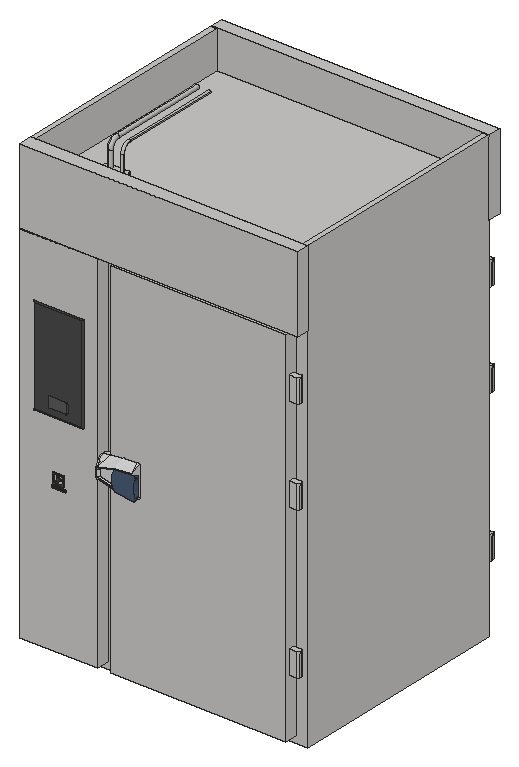
Revit family "QF_ELECTROLUXPROFESSIONAL_727969_AOFP20218RP", category Specialty Equipment, Revit 2018
Family settings
  Round Connector Dimension = Use Radius
  Part Type = Normal
  Work Plane-Based = No
  Always vertical = Yes
  Cut with Voids When Loaded = No
  Shared = Yes
  Room Calculation Point = No
Parameters
  Weight = 300.00 kg
  Watts = 0 W
  Volts = 0 V
  URL Manufacturer = ""
  URL = ""
  Steam Supply Size = 0"
  Steam Supply Minimum Pressure = 0.00 psi
  Steam Supply Maximum Pressure = 0.00 psi
  Steam Pounds per Hour = 0
  Show Logo [instance] = yes
  Refrigeration Suction Line Size = 0.05249"
  Refrigeration Liquid Line Size = 0.03117"
  Refrigerant Compressor Remote = yes
  Phase = 0
  Model = ""
  Manufacturer = ""
  Length Actual = 1400 mm  # constant formula
  Item Number = ""
  Hot Water Size = 0"
  Height Actual = 2270 mm  # constant formula
  HP = "8.6 HP"
  Gas Size = 0"
  Gas KW = 0
  Gas Input Pressure = 0.0 Btu/h
  Direct Waste Size = 1/2"
  Description = ""
  Depth Actual = 1266 mm  # constant formula
  Cycle = 0 Hz
  Condensate Return Size = 0"
  Compressed Air Volume = 0 GPM
  Compressed Air Size = 0"
  Compressed Air Pressure = 0.00 psi
  Cold Water Size = 0"
  Assembly Code = ""
  Show Clearance [instance] = yes
  Accessory = yes
Reference planes
  plane 1 "BACK": y = 67
  plane 2: z = 0
  plane 3 "LEFT": x = 0
  plane 4 "RIGHT": x = 1400
  plane 5 "FRONT": y = -1205
  plane 6 "TOP": z = 2270
  plane 7 "Center Y": x = 700
  plane 8 "Center X": y = -569
Forms (mm)
  Extrusion 1, solid, material "QF_Finishes_Clearance", visible <- "Show Clearance", detail levels coarse
    sketch origin (0, 0, 0) x (1, 0, 0) y (0, 1, 0)
      loop
        line (0, -1205) -> (0, 67) -> (-100, 67) -> (-100, -1205) -> (0, -1205)
      loop
        line (1500, -1205) -> (1500, 67) -> (1400, 67) -> (1400, -1205) -> (1500, -1205)
    from 0 to 2470
  Extrusion 2, solid, material "QF_Finishes_Stainless Steel"
    sketch origin (0, -1139.759, 0.519) x (0, 1, 0) y (-1, 0, 0)
      loop
        line (1140.759, 0) -> (0, 0) -> (0, -1400) -> (1140.759, -1400) -> (1140.759, 0)
    from -0.519 to 2079.481
  Extrusion 3, solid, material "QF_Finishes_Stainless Steel"
    sketch origin (0, 0, 0) x (0, 1, 0) y (0, 0, 1)
      loop
        line (-1139, 2270) -> (-1205, 2270) -> (-1205, 1886) -> (-1139, 1886) -> (-1139, 2270)
    from 0 to 1400
  Extrusion 4, solid, material "QF_Finishes_Stainless Steel"
    sketch origin (0, -1139.759, 2080) x (0, 1, 0) y (-1, 0, 0)
      loop
        line (1140.759, 0) -> (0, 0) -> (0, -27.807) -> (1140.759, -27.807) -> (1140.759, 0)
      loop
        line (1140.759, -1400) -> (1140.759, -1372.193) -> (0, -1372.193) -> (0, -1400) -> (1140.759, -1400)
    from 0 to 190
  Extrusion 5, solid, material "QF_Finishes_Clearance", visible <- "Show Clearance", detail levels coarse
    sketch origin (0, 0, 2270) x (-1, 0, 0) y (0, -1, 0)
      loop
        line (0, 1205) -> (-1400, 1205) -> (-1400, -67) -> (0, -67) -> (0, 1205)
    from 0 to 200
  Extrusion 6, solid, material "QF_Finishes_Stainless Steel"
    sketch origin (0, 67, 2419.476) x (0, 0, -1) y (-1, 0, 0)
      loop
        circle (282.476, -50.191) r 10
    from 1.6 to 0
  Extrusion 7, solid, material "QF_Finishes_Stainless Steel"
    sketch origin (0, 0, 0) x (1, 0, 0) y (0, 1, 0)
      loop
        circle (271, -890) r 12.7
    from 110 to 128
  Extrusion 8, solid, material "QF_Finishes_Stainless Steel"
    sketch origin (0, -1138, 0) x (0, -1, 0) y (0, 0, -1)
      loop
        line (-1139, -2270) -> (-1139, -1886) -> (-1205, -1886) -> (-1205, -2270) -> (-1139, -2270)
    from 0 to 1400
  Extrusion 9, solid, material "QF_Finishes_Stainless Steel"
    sketch origin (349.253, 33, 630.991) x (-1, 0, 0) y (0, -1, 0)
      loop
        line (349.253, 1172.759) -> (349.253, 1238) -> (-39.747, 1238) -> (-39.747, 1172.759) -> (349.253, 1172.759)
    from -597 to 1254
  Extrusion 10, solid, material "QF_Finishes_Stainless Steel"
    sketch origin (596.16, 27.971, -70) x (1, 0, 0) y (0, 1, 0)
      loop
        line (743.84, -1172.971) -> (-141.16, -1172.971) -> (-141.16, -1232.971) -> (743.84, -1232.971) -> (743.84, -1172.971)
    from 103.991 to 1945.25
  Extrusion 11, solid, material "QF_Door-Drawer Clearances", visible <- "Show Clearance", detail levels coarse
    sketch origin (875, -72.029, -91.802) x (-1, 0, 0) y (0, -1, 0)
      loop
        line (-465, 2025.971) -> (-465, 1132.971) -> (420, 1132.971)
        arc (420, 1132.971) -> (153.836, 1754.227) -> (-465, 2025.971) r 920
    from 125.793 to 1967.052
  Extrusion 12, solid, material "QF_Finishes_Stainless Steel"
    sketch origin (0, 0, -70) x (0, 1, 0) y (0, 0, 1)
      loop
        line (-1139, 2340) -> (-1205, 2340) -> (-1205, 1956) -> (-1139, 1956) -> (-1139, 2340)
    from 0 to 1400
  Extrusion 13, solid, material "QF_Finishes_Stainless Steel"
    sketch origin (-390.239, -0.977, 1172.559) x (1, 0, 0) y (0, 1, 0)
      loop
        line (1730.239, -1159.557) -> (1730.239, -1186.759) -> (1771.078, -1186.759)
        arc (1771.078, -1186.759) -> (1778.149, -1183.83) -> (1781.078, -1176.759) r 10
        line (1781.078, -1176.759) -> (1781.078, -1169.557)
        arc (1781.078, -1169.557) -> (1778.149, -1162.486) -> (1771.078, -1159.557) r 10
        line (1771.078, -1159.557) -> (1730.239, -1159.557)
    from 398 to 516
  Extrusion 14, solid, material "QF_Finishes_Handrails and Railings"
    sketch origin (0, -1205, -139.705) x (-1, 0, 0) y (0, 0, 1)
      loop
        arc (-455, 1022.346) -> (-433.392, 1027.289) -> (-413, 1035.976) r 124.815
        arc (-413, 1035.976) -> (-402.037, 1046.425) -> (-398, 1061.023) r 28.412
        line (-398, 1061.023) -> (-398, 1124.287)
        arc (-398, 1124.287) -> (-402.037, 1138.885) -> (-413, 1149.334) r 28.412
        arc (-413, 1149.334) -> (-433.392, 1158.021) -> (-455, 1162.964) r 124.815
        line (-455, 1162.964) -> (-455, 1022.346)
    from 0 to 25
  Blend 15, solid, material "QF_Finishes_Handrails and Railings"
    base sketch origin (0, -1205, -139.705) x (1, 0, 0) y (0, 0, 1)
      loop
        arc (455, 1162.964) -> (433.392, 1158.021) -> (413, 1149.334) r 124.815
        arc (413, 1149.334) -> (402.037, 1138.885) -> (398, 1124.287) r 28.412
        line (398, 1124.287) -> (398, 1061.023)
        arc (398, 1061.023) -> (402.037, 1046.425) -> (413, 1035.976) r 28.412
        arc (413, 1035.976) -> (433.392, 1027.289) -> (455, 1022.346) r 124.815
        arc (455, 1022.346) -> (524.77, 1014.896) -> (594.859, 1011.587) r 1185.63
        arc (594.859, 1011.587) -> (600.607, 1013.879) -> (603, 1019.586) r 8
        line (603, 1019.586) -> (603, 1165.724)
        arc (603, 1165.724) -> (600.607, 1171.431) -> (594.859, 1173.723) r 8
        arc (594.859, 1173.723) -> (524.77, 1170.414) -> (455, 1162.964) r 1185.63
    top sketch origin (0, -1205, -139.705) x (1, 0, 0) y (0, 0, 1)
      loop
        line (421, 1108.337) -> (421, 1076.973)
        arc (421, 1076.973) -> (423.295, 1069.915) -> (429.302, 1065.557) r 12
        arc (429.302, 1065.557) -> (515.086, 1044.22) -> (603, 1034.974) r 636.459
        line (603, 1034.974) -> (603, 1150.336)
        arc (603, 1150.336) -> (515.086, 1141.09) -> (429.302, 1119.753) r 636.459
        arc (429.302, 1119.753) -> (423.295, 1115.395) -> (421, 1108.337) r 12
    from 0 to 50
  Blend 16, void
    base sketch origin (0, -1255, -139.705) x (-1, 0, 0) y (0, 0, 1)
      loop
        arc (-430.843, 1114.996) -> (-515.866, 1136.151) -> (-603, 1145.333) r 631.459
        line (-603, 1145.333) -> (-603, 1039.977)
        arc (-603, 1039.977) -> (-515.866, 1049.159) -> (-430.843, 1070.314) r 631.459
        arc (-430.843, 1070.314) -> (-427.339, 1072.856) -> (-426, 1076.973) r 7
        line (-426, 1076.973) -> (-426, 1108.337)
        arc (-426, 1108.337) -> (-427.339, 1112.454) -> (-430.843, 1114.996) r 7
    top sketch origin (0, -1255, -139.705) x (-1, 0, 0) y (0, 0, 1)
      loop
        arc (-432.384, 1110.24) -> (-516.647, 1131.211) -> (-603, 1140.33) r 626.459
        line (-603, 1140.33) -> (-603, 1044.98)
        arc (-603, 1044.98) -> (-516.647, 1054.099) -> (-432.384, 1075.07) r 626.459
        arc (-432.384, 1075.07) -> (-431.382, 1075.797) -> (-431, 1076.973) r 2
        line (-431, 1076.973) -> (-431, 1108.337)
        arc (-431, 1108.337) -> (-431.382, 1109.513) -> (-432.384, 1110.24) r 2
    from 0 to 10
  Blend 17, solid, material "QF_Finishes_Electrolux_Blue"
    base sketch origin (0, -1245, -139.705) x (1, 0, 0) y (0, 0, 1)
      loop
        arc (628.567, 1043.419) -> (622.014, 1092.655) -> (628.567, 1141.89) r 188.232
        arc (628.567, 1141.89) -> (627.358, 1147.991) -> (621.77, 1150.721) r 7
        arc (621.77, 1150.721) -> (572.304, 1148.509) -> (523.16, 1142.458) r 636.459
        arc (523.16, 1142.458) -> (507.711, 1092.655) -> (523.16, 1042.852) r 88
        arc (523.16, 1042.852) -> (572.304, 1036.801) -> (621.77, 1034.589) r 636.459
        arc (621.77, 1034.589) -> (627.358, 1037.319) -> (628.567, 1043.419) r 7
    top sketch origin (0, -1245, -139.705) x (1, 0, 0) y (0, 0, 1)
      loop
        arc (626.748, 1050.703) -> (622.014, 1092.655) -> (626.748, 1134.607) r 188.232
        arc (626.748, 1134.607) -> (625.775, 1138.85) -> (621.845, 1140.722) r 5
        arc (621.845, 1140.722) -> (569.023, 1138.185) -> (516.603, 1131.203) r 626.459
        arc (516.603, 1131.203) -> (507.711, 1092.655) -> (516.603, 1054.107) r 88
        arc (516.603, 1054.107) -> (569.023, 1047.124) -> (621.845, 1044.588) r 626.459
        arc (621.845, 1044.588) -> (625.775, 1046.46) -> (626.748, 1050.703) r 5
    from 20 to 0
  Extrusion 18, solid, material "QF_Finishes_Stainless Steel"
    sketch origin (-390.239, -0.977, 692.559) x (1, 0, 0) y (0, 1, 0)
      loop
        line (1730.239, -1159.557) -> (1730.239, -1186.759) -> (1771.078, -1186.759)
        arc (1771.078, -1186.759) -> (1778.149, -1183.83) -> (1781.078, -1176.759) r 10
        line (1781.078, -1176.759) -> (1781.078, -1169.557)
        arc (1781.078, -1169.557) -> (1778.149, -1162.486) -> (1771.078, -1159.557) r 10
        line (1771.078, -1159.557) -> (1730.239, -1159.557)
    from 398 to 516
  Extrusion 19, solid, material "QF_Finishes_Stainless Steel"
    sketch origin (-390.239, -0.977, -67.441) x (1, 0, 0) y (0, 1, 0)
      loop
        line (1730.239, -1159.557) -> (1730.239, -1186.759) -> (1771.078, -1186.759)
        arc (1771.078, -1186.759) -> (1778.149, -1183.83) -> (1781.078, -1176.759) r 10
        line (1781.078, -1176.759) -> (1781.078, -1169.557)
        arc (1781.078, -1169.557) -> (1778.149, -1162.486) -> (1771.078, -1159.557) r 10
        line (1771.078, -1159.557) -> (1730.239, -1159.557)
    from 398 to 516
  Extrusion 20, solid, material "QF_Door-Drawer Clearances", visible <- "Show Clearance", detail levels coarse
    sketch origin (167.029, -1956.84, -70) x (0, 1, 0) y (-1, 0, 0)
      loop
        line (751.84, -1172.971) -> (-141.16, -1172.971) -> (-141.16, -1232.971) -> (751.84, -1232.971) -> (751.84, -1172.971)
    from 103.991 to 1945.25
  Extrusion 21, solid, material "QF_Door-Drawer Clearances", visible <- "Show Clearance", detail levels coarse
    sketch origin (1400, -2553, -139.705) x (0, -1, 0) y (0, 0, 1)
      loop
        arc (-455, 1022.346) -> (-433.392, 1027.289) -> (-413, 1035.976) r 124.815
        arc (-413, 1035.976) -> (-402.037, 1046.425) -> (-398, 1061.023) r 28.412
        line (-398, 1061.023) -> (-398, 1124.287)
        arc (-398, 1124.287) -> (-402.037, 1138.885) -> (-413, 1149.334) r 28.412
        arc (-413, 1149.334) -> (-433.392, 1158.021) -> (-455, 1162.964) r 124.815
        line (-455, 1162.964) -> (-455, 1022.346)
    from 0 to 25
  Blend 22, solid, material "QF_Door-Drawer Clearances", visible <- "Show Clearance", detail levels coarse
    base sketch origin (1400, -2553, -139.705) x (0, 1, 0) y (0, 0, 1)
      loop
        arc (455, 1162.964) -> (433.392, 1158.021) -> (413, 1149.334) r 124.815
        arc (413, 1149.334) -> (402.037, 1138.885) -> (398, 1124.287) r 28.412
        line (398, 1124.287) -> (398, 1061.023)
        arc (398, 1061.023) -> (402.037, 1046.425) -> (413, 1035.976) r 28.412
        arc (413, 1035.976) -> (433.392, 1027.289) -> (455, 1022.346) r 124.815
        arc (455, 1022.346) -> (524.77, 1014.896) -> (594.859, 1011.587) r 1185.63
        arc (594.859, 1011.587) -> (600.607, 1013.879) -> (603, 1019.586) r 8
        line (603, 1019.586) -> (603, 1165.724)
        arc (603, 1165.724) -> (600.607, 1171.431) -> (594.859, 1173.723) r 8
        arc (594.859, 1173.723) -> (524.77, 1170.414) -> (455, 1162.964) r 1185.63
    top sketch origin (1400, -2553, -139.705) x (0, 1, 0) y (0, 0, 1)
      loop
        line (421, 1108.337) -> (421, 1076.973)
        arc (421, 1076.973) -> (423.295, 1069.915) -> (429.302, 1065.557) r 12
        arc (429.302, 1065.557) -> (515.086, 1044.22) -> (603, 1034.974) r 636.459
        line (603, 1034.974) -> (603, 1150.336)
        arc (603, 1150.336) -> (515.086, 1141.09) -> (429.302, 1119.753) r 636.459
        arc (429.302, 1119.753) -> (423.295, 1115.395) -> (421, 1108.337) r 12
    from 0 to 50
  Blend 23, void
    base sketch origin (1450, -2553, -139.705) x (0, -1, 0) y (0, 0, 1)
      loop
        arc (-430.843, 1114.996) -> (-515.866, 1136.151) -> (-603, 1145.333) r 631.459
        line (-603, 1145.333) -> (-603, 1039.977)
        arc (-603, 1039.977) -> (-515.866, 1049.159) -> (-430.843, 1070.314) r 631.459
        arc (-430.843, 1070.314) -> (-427.339, 1072.856) -> (-426, 1076.973) r 7
        line (-426, 1076.973) -> (-426, 1108.337)
        arc (-426, 1108.337) -> (-427.339, 1112.454) -> (-430.843, 1114.996) r 7
    top sketch origin (1450, -2553, -139.705) x (0, -1, 0) y (0, 0, 1)
      loop
        arc (-432.384, 1110.24) -> (-516.647, 1131.211) -> (-603, 1140.33) r 626.459
        line (-603, 1140.33) -> (-603, 1044.98)
        arc (-603, 1044.98) -> (-516.647, 1054.099) -> (-432.384, 1075.07) r 626.459
        arc (-432.384, 1075.07) -> (-431.382, 1075.797) -> (-431, 1076.973) r 2
        line (-431, 1076.973) -> (-431, 1108.337)
        arc (-431, 1108.337) -> (-431.382, 1109.513) -> (-432.384, 1110.24) r 2
    from 0 to 10
  Blend 24, solid, material "QF_Door-Drawer Clearances", visible <- "Show Clearance", detail levels coarse
    base sketch origin (1440, -2553, -139.705) x (0, 1, 0) y (0, 0, 1)
      loop
        arc (628.567, 1043.419) -> (622.014, 1092.655) -> (628.567, 1141.89) r 188.232
        arc (628.567, 1141.89) -> (627.358, 1147.991) -> (621.77, 1150.721) r 7
        arc (621.77, 1150.721) -> (572.304, 1148.509) -> (523.16, 1142.458) r 636.459
        arc (523.16, 1142.458) -> (507.711, 1092.655) -> (523.16, 1042.852) r 88
        arc (523.16, 1042.852) -> (572.304, 1036.801) -> (621.77, 1034.589) r 636.459
        arc (621.77, 1034.589) -> (627.358, 1037.319) -> (628.567, 1043.419) r 7
    top sketch origin (1440, -2553, -139.705) x (0, 1, 0) y (0, 0, 1)
      loop
        arc (626.748, 1050.703) -> (622.014, 1092.655) -> (626.748, 1134.607) r 188.232
        arc (626.748, 1134.607) -> (625.775, 1138.85) -> (621.845, 1140.722) r 5
        arc (621.845, 1140.722) -> (569.023, 1138.185) -> (516.603, 1131.203) r 626.459
        arc (516.603, 1131.203) -> (507.711, 1092.655) -> (516.603, 1054.107) r 88
        arc (516.603, 1054.107) -> (569.023, 1047.124) -> (621.845, 1044.588) r 626.459
        arc (621.845, 1044.588) -> (625.775, 1046.46) -> (626.748, 1050.703) r 5
    from 20 to -1
  Extrusion 25, solid, material "QF_Finishes_Stainless Steel"
    sketch origin (349.253, -1171, 630.991) x (-1, 0, 0) y (0, -1, 0)
      loop
        line (349.253, -1172.759) -> (-39.747, -1172.759) -> (-39.747, -1238) -> (349.253, -1238) -> (349.253, -1172.759)
    from -597 to 1254
  Extrusion 26, solid, material "QF_Finishes_Stainless Steel"
    sketch origin (596.16, -1165.971, -70) x (1, 0, 0) y (0, 1, 0)
      loop
        line (743.84, 1172.971) -> (743.84, 1232.971) -> (-141.16, 1232.971) -> (-141.16, 1172.971) -> (743.84, 1172.971)
    from 103.991 to 1945.25
  Extrusion 27, solid, material "QF_Door-Drawer Clearances", visible <- "Show Clearance", detail levels coarse
    sketch origin (875, -1065.971, -91.802) x (-1, 0, 0) y (0, -1, 0)
      loop
        arc (-465, -2025.971) -> (153.836, -1754.227) -> (420, -1132.971) r 920
        line (420, -1132.971) -> (-465, -1132.971) -> (-465, -2025.971)
    from 125.793 to 1967.052
  Extrusion 28, solid, material "QF_Finishes_Stainless Steel"
    sketch origin (0, -1138, -70) x (0, -1, 0) y (0, 0, -1)
      loop
        line (-1139, -2340) -> (-1139, -1956) -> (-1205, -1956) -> (-1205, -2340) -> (-1139, -2340)
    from 0 to 1400
  Extrusion 29, solid, material "QF_Finishes_Stainless Steel"
    sketch origin (-390.239, -1137.023, 1172.559) x (1, 0, 0) y (0, 1, 0)
      loop
        line (1730.239, 1159.557) -> (1771.078, 1159.557)
        arc (1771.078, 1159.557) -> (1778.149, 1162.486) -> (1781.078, 1169.557) r 10
        line (1781.078, 1169.557) -> (1781.078, 1176.759)
        arc (1781.078, 1176.759) -> (1778.149, 1183.83) -> (1771.078, 1186.759) r 10
        line (1771.078, 1186.759) -> (1730.239, 1186.759) -> (1730.239, 1159.557)
    from 398 to 516
  Extrusion 30, solid, material "QF_Finishes_Handrails and Railings"
    sketch origin (0, 67, -139.705) x (-1, 0, 0) y (0, 0, -1)
      loop
        line (-455, -1022.346) -> (-455, -1162.964)
        arc (-455, -1162.964) -> (-433.392, -1158.021) -> (-413, -1149.334) r 124.815
        arc (-413, -1149.334) -> (-402.037, -1138.885) -> (-398, -1124.287) r 28.412
        line (-398, -1124.287) -> (-398, -1061.023)
        arc (-398, -1061.023) -> (-402.037, -1046.425) -> (-413, -1035.976) r 28.412
        arc (-413, -1035.976) -> (-433.392, -1027.289) -> (-455, -1022.346) r 124.815
    from 0 to 25
  Blend 31, solid, material "QF_Finishes_Handrails and Railings"
    base sketch origin (0, 67, -139.705) x (1, 0, 0) y (0, 0, -1)
      loop
        arc (455, -1162.964) -> (524.77, -1170.414) -> (594.859, -1173.723) r 1185.63
        arc (594.859, -1173.723) -> (600.607, -1171.431) -> (603, -1165.724) r 8
        line (603, -1165.724) -> (603, -1019.586)
        arc (603, -1019.586) -> (600.607, -1013.879) -> (594.859, -1011.587) r 8
        arc (594.859, -1011.587) -> (524.77, -1014.896) -> (455, -1022.346) r 1185.63
        arc (455, -1022.346) -> (433.392, -1027.289) -> (413, -1035.976) r 124.815
        arc (413, -1035.976) -> (402.037, -1046.425) -> (398, -1061.023) r 28.412
        line (398, -1061.023) -> (398, -1124.287)
        arc (398, -1124.287) -> (402.037, -1138.885) -> (413, -1149.334) r 28.412
        arc (413, -1149.334) -> (433.392, -1158.021) -> (455, -1162.964) r 124.815
    top sketch origin (0, 67, -139.705) x (1, 0, 0) y (0, 0, -1)
      loop
        arc (421, -1108.337) -> (423.295, -1115.395) -> (429.302, -1119.753) r 12
        arc (429.302, -1119.753) -> (515.086, -1141.09) -> (603, -1150.336) r 636.459
        line (603, -1150.336) -> (603, -1034.974)
        arc (603, -1034.974) -> (515.086, -1044.22) -> (429.302, -1065.557) r 636.459
        arc (429.302, -1065.557) -> (423.295, -1069.915) -> (421, -1076.973) r 12
        line (421, -1076.973) -> (421, -1108.337)
    from 0 to 50
  Blend 32, void
    base sketch origin (0, 117, -139.705) x (-1, 0, 0) y (0, 0, -1)
      loop
        arc (-430.843, -1114.996) -> (-427.339, -1112.454) -> (-426, -1108.337) r 7
        line (-426, -1108.337) -> (-426, -1076.973)
        arc (-426, -1076.973) -> (-427.339, -1072.856) -> (-430.843, -1070.314) r 7
        arc (-430.843, -1070.314) -> (-515.866, -1049.159) -> (-603, -1039.977) r 631.459
        line (-603, -1039.977) -> (-603, -1145.333)
        arc (-603, -1145.333) -> (-515.866, -1136.151) -> (-430.843, -1114.996) r 631.459
    top sketch origin (0, 117, -139.705) x (-1, 0, 0) y (0, 0, -1)
      loop
        arc (-432.384, -1110.24) -> (-431.382, -1109.513) -> (-431, -1108.337) r 2
        line (-431, -1108.337) -> (-431, -1076.973)
        arc (-431, -1076.973) -> (-431.382, -1075.797) -> (-432.384, -1075.07) r 2
        arc (-432.384, -1075.07) -> (-516.647, -1054.099) -> (-603, -1044.98) r 626.459
        line (-603, -1044.98) -> (-603, -1140.33)
        arc (-603, -1140.33) -> (-516.647, -1131.211) -> (-432.384, -1110.24) r 626.459
    from 0 to 10
  Blend 33, solid, material "QF_Finishes_Electrolux_Blue"
    base sketch origin (0, 107, -139.705) x (1, 0, 0) y (0, 0, -1)
      loop
        arc (628.567, -1043.419) -> (627.358, -1037.319) -> (621.77, -1034.589) r 7
        arc (621.77, -1034.589) -> (572.304, -1036.801) -> (523.16, -1042.852) r 636.459
        arc (523.16, -1042.852) -> (507.711, -1092.655) -> (523.16, -1142.458) r 88
        arc (523.16, -1142.458) -> (572.304, -1148.509) -> (621.77, -1150.721) r 636.459
        arc (621.77, -1150.721) -> (627.358, -1147.991) -> (628.567, -1141.89) r 7
        arc (628.567, -1141.89) -> (622.014, -1092.655) -> (628.567, -1043.419) r 188.232
    top sketch origin (0, 107, -139.705) x (1, 0, 0) y (0, 0, -1)
      loop
        arc (626.748, -1050.703) -> (625.775, -1046.46) -> (621.845, -1044.588) r 5
        arc (621.845, -1044.588) -> (569.023, -1047.124) -> (516.603, -1054.107) r 626.459
        arc (516.603, -1054.107) -> (507.711, -1092.655) -> (516.603, -1131.203) r 88
        arc (516.603, -1131.203) -> (569.023, -1138.185) -> (621.845, -1140.722) r 626.459
        arc (621.845, -1140.722) -> (625.775, -1138.85) -> (626.748, -1134.607) r 5
        arc (626.748, -1134.607) -> (622.014, -1092.655) -> (626.748, -1050.703) r 188.232
    from 20 to 0
  Extrusion 34, solid, material "QF_Finishes_Stainless Steel"
    sketch origin (-390.239, -1137.023, 692.559) x (1, 0, 0) y (0, 1, 0)
      loop
        line (1730.239, 1159.557) -> (1771.078, 1159.557)
        arc (1771.078, 1159.557) -> (1778.149, 1162.486) -> (1781.078, 1169.557) r 10
        line (1781.078, 1169.557) -> (1781.078, 1176.759)
        arc (1781.078, 1176.759) -> (1778.149, 1183.83) -> (1771.078, 1186.759) r 10
        line (1771.078, 1186.759) -> (1730.239, 1186.759) -> (1730.239, 1159.557)
    from 398 to 516
  Extrusion 35, solid, material "QF_Finishes_Stainless Steel"
    sketch origin (-390.239, -1137.023, -67.441) x (1, 0, 0) y (0, 1, 0)
      loop
        line (1730.239, 1159.557) -> (1771.078, 1159.557)
        arc (1771.078, 1159.557) -> (1778.149, 1162.486) -> (1781.078, 1169.557) r 10
        line (1781.078, 1169.557) -> (1781.078, 1176.759)
        arc (1781.078, 1176.759) -> (1778.149, 1183.83) -> (1771.078, 1186.759) r 10
        line (1771.078, 1186.759) -> (1730.239, 1186.759) -> (1730.239, 1159.557)
    from 398 to 516
  Extrusion 36, solid, material "QF_Door-Drawer Clearances", visible <- "Show Clearance", detail levels coarse
    sketch origin (167.029, 818.84, -70) x (0, -1, 0) y (1, 0, 0)
      loop
        line (751.84, 1172.971) -> (751.84, 1232.971) -> (-141.16, 1232.971) -> (-141.16, 1172.971) -> (751.84, 1172.971)
    from 103.991 to 1945.25
  Extrusion 37, solid, material "QF_Door-Drawer Clearances", visible <- "Show Clearance", detail levels coarse
    sketch origin (1400, 1415, -139.705) x (0, 1, 0) y (0, 0, -1)
      loop
        line (-455, -1022.346) -> (-455, -1162.964)
        arc (-455, -1162.964) -> (-433.392, -1158.021) -> (-413, -1149.334) r 124.815
        arc (-413, -1149.334) -> (-402.037, -1138.885) -> (-398, -1124.287) r 28.412
        line (-398, -1124.287) -> (-398, -1061.023)
        arc (-398, -1061.023) -> (-402.037, -1046.425) -> (-413, -1035.976) r 28.412
        arc (-413, -1035.976) -> (-433.392, -1027.289) -> (-455, -1022.346) r 124.815
    from 0 to 25
  Blend 38, solid, material "QF_Door-Drawer Clearances", visible <- "Show Clearance", detail levels coarse
    base sketch origin (1400, 1415, -139.705) x (0, -1, 0) y (0, 0, -1)
      loop
        arc (455, -1162.964) -> (524.77, -1170.414) -> (594.859, -1173.723) r 1185.63
        arc (594.859, -1173.723) -> (600.607, -1171.431) -> (603, -1165.724) r 8
        line (603, -1165.724) -> (603, -1019.586)
        arc (603, -1019.586) -> (600.607, -1013.879) -> (594.859, -1011.587) r 8
        arc (594.859, -1011.587) -> (524.77, -1014.896) -> (455, -1022.346) r 1185.63
        arc (455, -1022.346) -> (433.392, -1027.289) -> (413, -1035.976) r 124.815
        arc (413, -1035.976) -> (402.037, -1046.425) -> (398, -1061.023) r 28.412
        line (398, -1061.023) -> (398, -1124.287)
        arc (398, -1124.287) -> (402.037, -1138.885) -> (413, -1149.334) r 28.412
        arc (413, -1149.334) -> (433.392, -1158.021) -> (455, -1162.964) r 124.815
    top sketch origin (1400, 1415, -139.705) x (0, -1, 0) y (0, 0, -1)
      loop
        arc (421, -1108.337) -> (423.295, -1115.395) -> (429.302, -1119.753) r 12
        arc (429.302, -1119.753) -> (515.086, -1141.09) -> (603, -1150.336) r 636.459
        line (603, -1150.336) -> (603, -1034.974)
        arc (603, -1034.974) -> (515.086, -1044.22) -> (429.302, -1065.557) r 636.459
        arc (429.302, -1065.557) -> (423.295, -1069.915) -> (421, -1076.973) r 12
        line (421, -1076.973) -> (421, -1108.337)
    from 0 to 50
  Blend 39, void
    base sketch origin (1450, 1415, -139.705) x (0, 1, 0) y (0, 0, -1)
      loop
        arc (-430.843, -1114.996) -> (-427.339, -1112.454) -> (-426, -1108.337) r 7
        line (-426, -1108.337) -> (-426, -1076.973)
        arc (-426, -1076.973) -> (-427.339, -1072.856) -> (-430.843, -1070.314) r 7
        arc (-430.843, -1070.314) -> (-515.866, -1049.159) -> (-603, -1039.977) r 631.459
        line (-603, -1039.977) -> (-603, -1145.333)
        arc (-603, -1145.333) -> (-515.866, -1136.151) -> (-430.843, -1114.996) r 631.459
    top sketch origin (1450, 1415, -139.705) x (0, 1, 0) y (0, 0, -1)
      loop
        arc (-432.384, -1110.24) -> (-431.382, -1109.513) -> (-431, -1108.337) r 2
        line (-431, -1108.337) -> (-431, -1076.973)
        arc (-431, -1076.973) -> (-431.382, -1075.797) -> (-432.384, -1075.07) r 2
        arc (-432.384, -1075.07) -> (-516.647, -1054.099) -> (-603, -1044.98) r 626.459
        line (-603, -1044.98) -> (-603, -1140.33)
        arc (-603, -1140.33) -> (-516.647, -1131.211) -> (-432.384, -1110.24) r 626.459
    from 0 to 10
  Blend 40, solid, material "QF_Door-Drawer Clearances", visible <- "Show Clearance", detail levels coarse
    base sketch origin (1440, 1415, -139.705) x (0, -1, 0) y (0, 0, -1)
      loop
        arc (628.567, -1043.419) -> (627.358, -1037.319) -> (621.77, -1034.589) r 7
        arc (621.77, -1034.589) -> (572.304, -1036.801) -> (523.16, -1042.852) r 636.459
        arc (523.16, -1042.852) -> (507.711, -1092.655) -> (523.16, -1142.458) r 88
        arc (523.16, -1142.458) -> (572.304, -1148.509) -> (621.77, -1150.721) r 636.459
        arc (621.77, -1150.721) -> (627.358, -1147.991) -> (628.567, -1141.89) r 7
        arc (628.567, -1141.89) -> (622.014, -1092.655) -> (628.567, -1043.419) r 188.232
    top sketch origin (1440, 1415, -139.705) x (0, -1, 0) y (0, 0, -1)
      loop
        arc (626.748, -1050.703) -> (625.775, -1046.46) -> (621.845, -1044.588) r 5
        arc (621.845, -1044.588) -> (569.023, -1047.124) -> (516.603, -1054.107) r 626.459
        arc (516.603, -1054.107) -> (507.711, -1092.655) -> (516.603, -1131.203) r 88
        arc (516.603, -1131.203) -> (569.023, -1138.185) -> (621.845, -1140.722) r 626.459
        arc (621.845, -1140.722) -> (625.775, -1138.85) -> (626.748, -1134.607) r 5
        arc (626.748, -1134.607) -> (622.014, -1092.655) -> (626.748, -1050.703) r 188.232
    from 20 to -1
  Sweep 41, solid, material "QF_Finishes_Stainless Steel"
    path in 3D
      loop
        line (196, -884, 2090) -> (196, -884, 2174)
        arc (196, -884, 2174) -> (196, -872.284, 2202.284) -> (196, -844, 2214) r 40
        line (196, -844, 2214) -> (196, -338, 2214)
    profile origin (196, -884, 2132) x (0, 1, 0) y (-1, 0, 0)
      loop
        circle (0, -0.785) r 11
  Sweep 42, solid, material "QF_Finishes_Stainless Steel"
    path in 3D
      loop
        line (259.717, -338, 2214) -> (259.717, -844, 2214)
        arc (259.717, -844, 2214) -> (259.717, -872.284, 2202.284) -> (259.717, -884, 2174) r 40
        line (259.717, -884, 2174) -> (259.717, -884, 2090)
    profile origin (259.717, -884, 2132) x (1, 0, 0) y (0, 1, 0)
      loop
        circle (0, 0) r 6
  Extrusion 43, solid, material "QF_Finishes_Stainless Steel"
    sketch origin (0.348, -1151.032, 2080) x (0, 1, 0) y (-1, 0, 0)
      loop
        line (272.032, -164.68) -> (262.032, -164.68)
        arc (262.032, -164.68) -> (251.425, -169.074) -> (247.032, -179.68) r 15
        line (247.032, -179.68) -> (247.032, -270.358)
        arc (247.032, -270.358) -> (251.425, -280.965) -> (262.032, -285.358) r 15
        line (262.032, -285.358) -> (272.032, -285.358)
        arc (272.032, -285.358) -> (282.639, -280.965) -> (287.032, -270.358) r 15
        line (287.032, -270.358) -> (287.032, -179.68)
        arc (287.032, -179.68) -> (282.639, -169.074) -> (272.032, -164.68) r 15
    from 0 to 10
Cuts and joins
  joined: Extrusion 1, Extrusion 5
  joined: Extrusion 2, Extrusion 3, Extrusion 4
  Blend 16, Blend 32, Blend 39 cuts Extrusion 11
  Blend 32, Blend 39 cuts Extrusion 20
  Blend 32, Blend 39 cuts Extrusion 21
  Blend 23, Blend 32, Blend 39 cuts Blend 22
  Blend 23, Blend 32, Blend 39 cuts Blend 24
  joined: Extrusion 11, Extrusion 20, Extrusion 21, Blend 22, Blend 24
  Blend 32 cuts Extrusion 14
  Blend 16, Blend 32 cuts Blend 15
  joined: Extrusion 14, Blend 15
  Blend 32 cuts Extrusion 27
  Blend 39 cuts Blend 38
  Blend 39 cuts Blend 40
  joined: Extrusion 27, Extrusion 36, Extrusion 37, Blend 38, Blend 40
  Blend 32 cuts Blend 31
  joined: Extrusion 30, Blend 31
Lines and regions (mm)
  symbolic lines, style "QF-Clearances", visible <- "Show Clearance", detail levels coarse
    curve 1: line (-100, -1205, 0.519) -> (-100, 67, 0.519)
    curve 2: line (1500, 67, 0.519) -> (1500, -1205, 0.519)
  symbolic lines
    curve 3: line (0, -1205, 0.519) -> (1400, -1205, 0.519)
    curve 4: line (0, 67, 0.519) -> (0, -1205, 0.519)
    curve 5: line (1400, 67, 0.519) -> (0, 67, 0.519)
    curve 6: line (1400, -1205, 0.519) -> (1400, 67, 0.519)
    curve 7: line (1400, -1139, 0.519) -> (0, -1139, 0.519)
    curve 8: line (0, 1, 0.519) -> (1400, 1, 0.519)
    curve 9: line (27.807, -1139, 0.519) -> (27.807, 1, 0.519)
    curve 10: line (1372.193, 1, 0.519) -> (1372.193, -1139, 0.519)
    curve 11: line (75.5, -1210, 70) -> (313.5, -1210, 70)
    curve 12: line (75.5, -1210, 70) -> (67.5, -1205, 70)
    curve 13: line (313.5, -1210, 70) -> (321.5, -1205, 70)
    curve 14: line (421, -1255, 70) -> (398, -1205, 70)
    curve 15: line (421, -1255, 70) -> (603, -1255, 70)
    curve 16: line (603, -1255, 70) -> (603, -1205, 70)
    curve 17: line (603, -1245, 70) -> (626.748, -1245, 70)
    curve 18: line (626.748, -1245, 70) -> (628.811, -1265, 70)
    curve 19: line (628.811, -1265, 70) -> (507.711, -1265, 70)
    curve 20: line (507.711, -1265, 70) -> (507.711, -1255, 70)
    curve 34: line (421, 117, 70) -> (398, 67, 70)
    curve 35: line (421, 117, 70) -> (603, 117, 70)
    curve 36: line (603, 117, 70) -> (603, 67, 70)
    curve 37: line (603, 107, 70) -> (626.748, 107, 70)
    curve 38: line (626.748, 107, 70) -> (628.811, 127, 70)
    curve 39: line (628.811, 127, 70) -> (507.711, 127, 70)
    curve 40: line (507.711, 127, 70) -> (507.711, 117, 70)
    curve 54: line (185.785, -338, 0.519) -> (207.785, -338, 0.519)
    curve 55: line (207.785, -338, 0.519) -> (207.785, -884, 0.519)
    curve 56: line (253.717, -884, 0.519) -> (253.717, -338, 0.519)
    curve 57: line (253.717, -338, 0.519) -> (265.717, -338, 0.519)
    curve 58: line (265.717, -338, 0.519) -> (265.717, -884, 0.519)
    curve 59: line (265.717, -864, 0.519) -> (270.706, -864, 0.519)
    curve 60: arc (285.706, -879, 0.519) -> (281.312, -868.393, 0.519) -> (270.706, -864, 0.519) r 15
    curve 61: line (285.706, -889, 0.519) -> (285.706, -879, 0.519)
    curve 62: arc (270.706, -904, 0.519) -> (281.312, -899.607, 0.519) -> (285.706, -889, 0.519) r 15
    curve 63: line (180.028, -904, 0.519) -> (270.706, -904, 0.519)
    curve 64: arc (165.028, -889, 0.519) -> (169.421, -899.607, 0.519) -> (180.028, -904, 0.519) r 15
    curve 65: line (165.028, -879, 0.519) -> (165.028, -889, 0.519)
    curve 66: arc (180.028, -864, 0.519) -> (169.421, -868.393, 0.519) -> (165.028, -879, 0.519) r 15
    curve 67: arc (207.785, -884, 0.519) -> (196.785, -895, 0.519) -> (185.785, -884, 0.519) r 11
    curve 68: arc (253.717, -884, 0.519) -> (259.717, -890, 0.519) -> (265.717, -884, 0.519) r 6
    curve 69: line (180.028, -864, 0.519) -> (185.785, -864, 0.519)
    curve 70: line (185.785, -338, 0.519) -> (185.785, -884, 0.519)
    curve 71: line (207.785, -864, 0.519) -> (253.717, -864, 0.519)
  symbolic lines, style "QF_Door-Drawer Clearances", visible <- "Show Clearance"
    curve 21: line (1450, -2132, 70) -> (1400, -2155, 70)
    curve 22: line (1450, -2132, 70) -> (1450, -1950, 70)
    curve 23: line (1450, -1950, 70) -> (1400, -1950, 70)
    curve 24: line (1439, -1950, 70) -> (1439, -1926.126, 70)
    curve 25: line (1439, -1926.126, 70) -> (1460, -1924.189, 70)
    curve 26: line (1460, -1924.189, 70) -> (1460, -2045.289, 70)
    curve 27: line (1460, -2045.289, 70) -> (1450, -2045.289, 70)
    curve 28: line (1375, -2098, 70) -> (1375, -2155, 70)
    curve 29: line (1340, -2098, 70) -> (1400, -2098, 70)
    curve 30: arc (457.796, -1255, 70) -> (739.031, -1843.801, 70) -> (1340, -2098, 70) r 920
    curve 31: line (1400, -2155, 70) -> (1375, -2155, 70)
    curve 32: line (1400, -2098, 70) -> (1400, -1205, 70)
    curve 33: line (1340, -2098, 70) -> (1340, -1205, 70)
    curve 41: line (1450, 994, 70) -> (1400, 1017, 70)
    curve 42: line (1450, 994, 70) -> (1450, 812, 70)
    curve 43: line (1450, 812, 70) -> (1400, 812, 70)
    curve 44: line (1439, 812, 70) -> (1439, 788.126, 70)
    curve 45: line (1439, 788.126, 70) -> (1460, 786.189, 70)
    curve 46: line (1460, 786.189, 70) -> (1460, 907.289, 70)
    curve 47: line (1460, 907.289, 70) -> (1450, 907.289, 70)
    curve 48: line (1375, 960, 70) -> (1375, 1017, 70)
    curve 49: line (1340, 960, 70) -> (1400, 960, 70)
    curve 50: arc (457.796, 117, 70) -> (739.031, 705.801, 70) -> (1340, 960, 70) r 920
    curve 51: line (1400, 1017, 70) -> (1375, 1017, 70)
    curve 52: line (1400, 960, 70) -> (1400, 67, 70)
    curve 53: line (1340, 960, 70) -> (1340, 67, 70)
  sketch lines
    curve 72: line (196, -884, 2090) -> (196, -884, 2174)
    curve 73: arc (196, -844, 2214) -> (196, -872.284, 2202.284) -> (196, -884, 2174) r 40
    curve 74: line (196, -844, 2214) -> (196, -338, 2214)
    curve 75: line (259.717, -884, 2174) -> (259.717, -884, 2090)
    curve 76: arc (259.717, -884, 2174) -> (259.717, -872.284, 2202.284) -> (259.717, -844, 2214) r 40
    curve 77: line (259.717, -338, 2214) -> (259.717, -844, 2214)
Dimensions and locks
  plane 5 "FRONT" to plane 1 "BACK" = 1272 mm
  plane 6 "TOP" to level = 2270 mm
  plane 4 "RIGHT" to plane 3 "LEFT" = 1400 mm
  plane 3 "LEFT" to plane 4 "RIGHT" = 1400 mm
  equal spacing: plane 3 "LEFT", plane 7 "Center Y", plane 4 "RIGHT"
  equal spacing: plane 1 "BACK", plane 8 "Center X", plane 5 "FRONT"
  plane 3 "LEFT" to Extrusion 7 sketch curve = 271 mm
  Extrusion 7 sketch curve to plane 1 "BACK" = 957 mm
  aligned and locked: level to plane 2
Automatic sketch dimensions
  plane 5 "FRONT" to Extrusion 1 sketch curve = 0 mm  (x2)
  plane 1 "BACK" to Extrusion 1 sketch curve = 0 mm  (x2)
  Extrusion 1 sketch curve to plane 3 "LEFT" = 0 mm
  Extrusion 1 sketch curve to plane 4 "RIGHT" = 0 mm
  Extrusion 1 sketch curve to plane 3 "LEFT" = 100 mm
  plane 4 "RIGHT" to Extrusion 1 sketch curve = 100 mm
  Extrusion 2 sketch curve to plane 3 "LEFT" = 0 mm
  Extrusion 2 sketch curve to plane 4 "RIGHT" = 0 mm
  Extrusion 2 sketch curve to plane 5 "FRONT" = 65.241 mm
  plane 1 "BACK" to Extrusion 2 sketch curve = 66 mm
  Extrusion 3 sketch curve to plane 5 "FRONT" = 0 mm
  Extrusion 3 sketch curve to plane 6 "TOP" = 0 mm
  Extrusion 3 sketch curve to plane 5 "FRONT" = 66 mm
  Extrusion 3 sketch curve to plane 6 "TOP" = 384 mm
  Extrusion 2 to Extrusion 4 sketch curve = 0 mm
  Extrusion 4 sketch curve to Extrusion 2 = 0 mm  (x5)
  Extrusion 4 sketch curve to Extrusion 2 = 27.807 mm  (x2)
  Extrusion 5 sketch curve to plane 4 "RIGHT" = 0 mm
  plane 1 "BACK" to Extrusion 5 sketch curve = 0 mm
  Extrusion 5 sketch curve to plane 3 "LEFT" = 0 mm
  plane 5 "FRONT" to Extrusion 5 sketch curve = 0 mm
  Extrusion 8 to Extrusion 6 sketch curve = 50.191 mm
  Extrusion 8 to Extrusion 6 sketch curve = 133 mm
  Extrusion 8 sketch curve to plane 1 "BACK" = 0 mm
  Extrusion 8 sketch curve to plane 6 "TOP" = 0 mm
  Extrusion 8 sketch curve to Extrusion 8 sketch curve = 66 mm
  plane 6 "TOP" to Extrusion 8 sketch curve = 384 mm
  plane 5 "FRONT" to Extrusion 9 sketch curve = 0 mm
  Extrusion 9 sketch curve to plane 3 "LEFT" = 0 mm
  plane 7 "Center Y" to Extrusion 9 sketch curve = 311 mm
  Extrusion 9 sketch curve to Extrusion 9 sketch curve = 65.241 mm
  plane 5 "FRONT" to Extrusion 10 sketch curve = 0 mm
  Extrusion 10 sketch curve to plane 5 "FRONT" = 60 mm
  plane 7 "Center Y" to Extrusion 10 sketch curve = 245 mm
  Extrusion 10 sketch curve to plane 4 "RIGHT" = 60 mm
  plane 5 "FRONT" to Extrusion 11 sketch curve = 0 mm
  Extrusion 11 sketch curve to plane 4 "RIGHT" = 25.377 mm
  Extrusion 11 sketch curve to Extrusion 11 sketch curve = 34.623 mm
  plane 7 "Center Y" to Extrusion 11 sketch curve = 245 mm
  Extrusion 11 sketch curve to plane 5 "FRONT" = 26.348 mm
  Extrusion 12 sketch curve to plane 5 "FRONT" = 0 mm
  Extrusion 12 sketch curve to plane 6 "TOP" = 0 mm
  Extrusion 12 sketch curve to Extrusion 12 sketch curve = 66 mm
  Extrusion 12 sketch curve to Extrusion 12 sketch curve = 384 mm
  Extrusion 13 sketch curve to plane 5 "FRONT" = 17.264 mm
  Extrusion 13 sketch curve to plane 4 "RIGHT" = 60 mm
  Extrusion 13 sketch curve to plane 4 "RIGHT" = 19.161 mm
  Extrusion 13 sketch curve to Extrusion 13 sketch curve = 0 mm
  Extrusion 13 sketch curve to plane 4 "RIGHT" = 9.161 mm
  Extrusion 13 sketch curve to Extrusion 13 sketch curve = 7.202 mm
  plane 7 "Center Y" to Extrusion 14 sketch curve = 228.081 mm
  Extrusion 14 sketch curve to Extrusion 14 sketch curve = 0 mm
  Extrusion 14 sketch curve to Extrusion 14 sketch curve = 16.919 mm
  Extrusion 14 sketch curve to Extrusion 14 sketch curve = 28.588 mm  (x2)
  Extrusion 14 sketch curve to Extrusion 14 sketch curve = 28.412 mm
  level to Extrusion 14 sketch curve = 882.641 mm
  Extrusion 14 sketch curve to Extrusion 14 sketch curve = 16.954 mm  (x2)
  Extrusion 14 sketch curve to Extrusion 14 sketch curve = 38.676 mm
  Extrusion 14 sketch curve to Extrusion 14 sketch curve = 63.265 mm
  Extrusion 14 sketch curve to Extrusion 14 sketch curve = 21.722 mm
  Blend 15 sketch curve to Extrusion 14 = 0 mm  (x4)
  Blend 15 sketch curve to Extrusion 14 = 28.412 mm
  Blend 15 sketch curve to Blend 15 sketch curve = 123.081 mm  (x2)
  Blend 15 sketch curve to Blend 15 sketch curve = 8 mm
  Extrusion 14 to Blend 15 sketch curve = 160.712 mm  (x2)
  Blend 15 sketch curve to Blend 15 sketch curve = 19.715 mm  (x2)
  Blend 15 sketch curve to Blend 15 sketch curve = 38.676 mm
  Blend 15 sketch curve to Extrusion 14 = 23 mm
  Blend 15 sketch curve to Blend 15 sketch curve = 12 mm  (x2)
  Extrusion 14 to Blend 15 sketch curve = 148 mm
  Extrusion 14 to Blend 15 sketch curve = 170.45 mm  (x2)
  Blend 15 sketch curve to Blend 15 sketch curve = 520.701 mm  (x2)
  Blend 15 sketch curve to Blend 15 sketch curve = 41.999 mm
  Blend 15 sketch curve to Blend 15 sketch curve = 31.364 mm
  Blend 15 sketch curve to Blend 15 sketch curve = 115.362 mm
  Blend 15 to Blend 16 sketch curve = 0 mm  (x2)
  Blend 16 sketch curve to Blend 16 sketch curve = 7 mm
  Blend 16 sketch curve to Blend 16 sketch curve = 31.364 mm  (x2)
  Blend 16 sketch curve to Blend 16 sketch curve = 2 mm
  Blend 16 to Blend 17 sketch curve = 18.811 mm  (x2)
  Blend 17 sketch curve to Blend 16 = 7.289 mm  (x2)
  Blend 17 sketch curve to Blend 17 sketch curve = 188.435 mm
  Blend 17 sketch curve to Blend 17 sketch curve = 7 mm  (x2)
  Blend 17 sketch curve to Blend 17 sketch curve = 51.066 mm  (x2)
  Blend 17 sketch curve to Blend 17 sketch curve = 0 mm  (x6)
  Blend 17 sketch curve to Blend 16 = 79.84 mm
  Blend 16 to Blend 17 sketch curve = 18.874 mm  (x2)
  Blend 17 sketch curve to Blend 17 sketch curve = 188.371 mm
  Blend 17 sketch curve to Blend 17 sketch curve = 5 mm  (x2)
  Blend 17 sketch curve to Blend 17 sketch curve = 43.067 mm  (x2)
  Blend 17 sketch curve to Blend 16 = 85.603 mm
  Extrusion 18 sketch curve to plane 5 "FRONT" = 17.264 mm
  Extrusion 18 sketch curve to plane 4 "RIGHT" = 60 mm
  Extrusion 18 sketch curve to plane 4 "RIGHT" = 19.161 mm
  Extrusion 18 sketch curve to Extrusion 18 sketch curve = 0 mm
  Extrusion 18 sketch curve to plane 4 "RIGHT" = 9.161 mm
  Extrusion 18 sketch curve to Extrusion 18 sketch curve = 7.202 mm
  Extrusion 19 sketch curve to plane 5 "FRONT" = 17.264 mm
  Extrusion 19 sketch curve to plane 4 "RIGHT" = 60 mm
  Extrusion 19 sketch curve to plane 4 "RIGHT" = 19.161 mm
  Extrusion 19 sketch curve to Extrusion 19 sketch curve = 0 mm
  Extrusion 19 sketch curve to plane 4 "RIGHT" = 9.161 mm
  Extrusion 19 sketch curve to Extrusion 19 sketch curve = 7.202 mm
  Extrusion 20 sketch curve to plane 4 "RIGHT" = 0 mm
  plane 5 "FRONT" to Extrusion 20 sketch curve = 0 mm
  plane 5 "FRONT" to Extrusion 20 sketch curve = 893 mm
  Extrusion 20 sketch curve to plane 4 "RIGHT" = 60 mm
  plane 5 "FRONT" to Extrusion 21 sketch curve = 876.081 mm
  Extrusion 21 sketch curve to Extrusion 21 sketch curve = 0 mm
  Extrusion 21 sketch curve to Extrusion 21 sketch curve = 16.919 mm
  Extrusion 21 sketch curve to Extrusion 21 sketch curve = 28.588 mm  (x2)
  Extrusion 21 sketch curve to Extrusion 21 sketch curve = 28.412 mm
  level to Extrusion 21 sketch curve = 882.641 mm
  Extrusion 21 sketch curve to Extrusion 21 sketch curve = 16.954 mm  (x2)
  Extrusion 21 sketch curve to Extrusion 21 sketch curve = 38.676 mm
  Extrusion 21 sketch curve to Extrusion 21 sketch curve = 63.265 mm
  Extrusion 21 sketch curve to Extrusion 21 sketch curve = 21.722 mm
  Blend 22 sketch curve to Extrusion 21 = 0 mm  (x4)
  Blend 22 sketch curve to Extrusion 21 = 28.412 mm
  Blend 22 sketch curve to Blend 22 sketch curve = 123.081 mm  (x2)
  Blend 22 sketch curve to Blend 22 sketch curve = 8 mm
  Extrusion 21 to Blend 22 sketch curve = 160.712 mm  (x2)
  Blend 22 sketch curve to Blend 22 sketch curve = 19.715 mm  (x2)
  Blend 22 sketch curve to Blend 22 sketch curve = 38.676 mm
  Blend 22 sketch curve to Extrusion 21 = 23 mm
  Blend 22 sketch curve to Blend 22 sketch curve = 12 mm  (x2)
  Extrusion 21 to Blend 22 sketch curve = 148 mm
  Extrusion 21 to Blend 22 sketch curve = 170.45 mm  (x2)
  Blend 22 sketch curve to Blend 22 sketch curve = 520.701 mm  (x2)
  Blend 22 sketch curve to Blend 22 sketch curve = 41.999 mm
  Blend 22 sketch curve to Blend 22 sketch curve = 31.364 mm
  Blend 22 sketch curve to Blend 22 sketch curve = 115.362 mm
  Blend 23 sketch curve to Blend 22 = 0 mm  (x2)
  Blend 23 sketch curve to Blend 23 sketch curve = 7 mm
  Blend 23 sketch curve to Blend 23 sketch curve = 31.364 mm  (x2)
  Blend 23 sketch curve to Blend 23 sketch curve = 2 mm
  Blend 23 to Blend 24 sketch curve = 18.811 mm  (x2)
  Blend 24 sketch curve to Blend 23 = 7.289 mm  (x2)
  Blend 24 sketch curve to Blend 24 sketch curve = 188.435 mm
  Blend 24 sketch curve to Blend 24 sketch curve = 7 mm  (x2)
  Blend 24 sketch curve to Blend 24 sketch curve = 51.066 mm  (x2)
  Blend 24 sketch curve to Blend 24 sketch curve = 0 mm  (x6)
  Blend 24 sketch curve to Blend 23 = 79.84 mm
  Blend 23 to Blend 24 sketch curve = 18.874 mm  (x2)
  Blend 24 sketch curve to Blend 24 sketch curve = 188.371 mm
  Blend 24 sketch curve to Blend 24 sketch curve = 5 mm  (x2)
  Blend 24 sketch curve to Blend 24 sketch curve = 43.067 mm  (x2)
  Blend 24 sketch curve to Blend 23 = 85.603 mm
  curve 21 to plane 4 "RIGHT" = 0 mm
  curve 32 to plane 4 "RIGHT" = 0 mm
  plane 5 "FRONT" to curve 12 = 0 mm
  plane 5 "FRONT" to curve 13 = 0 mm
  plane 5 "FRONT" to curve 14 = 0 mm
  plane 5 "FRONT" to curve 32 = 0 mm
  plane 5 "FRONT" to curve 16 = 0 mm
  plane 5 "FRONT" to curve 33 = 0 mm
  plane 1 "BACK" to curve 34 = 0 mm
  plane 1 "BACK" to curve 52 = 0 mm
  plane 1 "BACK" to curve 53 = 0 mm
  plane 1 "BACK" to curve 36 = 0 mm
  curve 43 to plane 4 "RIGHT" = 0 mm
  curve 41 to plane 4 "RIGHT" = 0 mm
  plane 5 "FRONT" to curve 11 = 5 mm
  plane 5 "FRONT" to curve 18 = 40 mm
  curve 16 to curve 17 = 10 mm
  curve 18 to curve 17 = 20 mm
  plane 4 "RIGHT" to curve 25 = 60 mm
  plane 5 "FRONT" to curve 25 = 719.189 mm
  curve 24 to curve 25 = 1.937 mm
  curve 23 to curve 24 = 23.874 mm
  curve 26 to curve 22 = 95.289 mm
  curve 29 to curve 27 = 52.711 mm
  curve 22 to curve 29 = 34 mm
  curve 28 to plane 4 "RIGHT" = 25 mm
  curve 28 to curve 28 = 57 mm
  curve 30 to plane 5 "FRONT" = 26.348 mm
  plane 1 "BACK" to curve 50 = 26.348 mm
  curve 37 to plane 1 "BACK" = 40 mm
  curve 37 to curve 36 = 10 mm
  curve 37 to curve 39 = 20 mm
  plane 4 "RIGHT" to curve 45 = 60 mm
  curve 45 to plane 1 "BACK" = 719.189 mm
  curve 45 to curve 44 = 1.937 mm
  curve 44 to curve 43 = 23.874 mm
  curve 42 to curve 46 = 95.289 mm
  curve 53 to plane 4 "RIGHT" = 60 mm
  curve 47 to curve 53 = 52.711 mm
  curve 49 to curve 42 = 34 mm
  curve 51 to plane 4 "RIGHT" = 25 mm
  curve 48 to curve 51 = 57 mm
  plane 4 "RIGHT" to curve 22 = 50 mm
  curve 45 to curve 43 = 10 mm
  curve 25 to curve 24 = 21 mm
  curve 45 to curve 44 = 21 mm
  curve 50 to plane 4 "RIGHT" = 25.377 mm
  curve 30 to plane 4 "RIGHT" = 25.377 mm
  curve 28 to curve 33 = 35 mm
  plane 7 "Center Y" to curve 19 = 71.189 mm
  plane 7 "Center Y" to curve 39 = 71.189 mm
  curve 38 to curve 38 = 2.062 mm
  curve 18 to curve 17 = 2.062 mm
  curve 37 to curve 35 = 23.748 mm
  curve 17 to curve 15 = 23.748 mm
  curve 19 to curve 30 = 49.915 mm
  curve 39 to curve 50 = 49.915 mm
  curve 50 to curve 34 = 36.796 mm
  curve 30 to curve 15 = 36.796 mm
  curve 14 to curve 11 = 107.5 mm
  plane 3 "LEFT" to curve 12 = 75.5 mm
  curve 34 to curve 34 = 23 mm
  curve 14 to curve 14 = 23 mm
  curve 13 to curve 11 = 8 mm
  curve 11 to curve 12 = 8 mm
  plane 1 "BACK" to Extrusion 25 sketch curve = 0 mm
  Extrusion 25 sketch curve to plane 3 "LEFT" = 0 mm
  plane 7 "Center Y" to Extrusion 25 sketch curve = 311 mm
  Extrusion 25 sketch curve to Extrusion 25 sketch curve = 65.241 mm
  plane 1 "BACK" to Extrusion 26 sketch curve = 0 mm
  plane 1 "BACK" to Extrusion 26 sketch curve = 60 mm
  plane 7 "Center Y" to Extrusion 26 sketch curve = 245 mm
  Extrusion 26 sketch curve to plane 4 "RIGHT" = 60 mm
  plane 1 "BACK" to Extrusion 27 sketch curve = 0 mm
  Extrusion 27 sketch curve to plane 4 "RIGHT" = 25.377 mm
  Extrusion 27 sketch curve to Extrusion 27 sketch curve = 34.623 mm
  plane 7 "Center Y" to Extrusion 27 sketch curve = 245 mm
  Extrusion 27 sketch curve to plane 1 "BACK" = 893 mm
  Extrusion 28 sketch curve to plane 1 "BACK" = 0 mm
  Extrusion 28 sketch curve to plane 6 "TOP" = 0 mm
  Extrusion 28 sketch curve to Extrusion 28 sketch curve = 66 mm
  Extrusion 28 sketch curve to Extrusion 28 sketch curve = 384 mm
  plane 1 "BACK" to Extrusion 29 sketch curve = 17.264 mm
  Extrusion 29 sketch curve to plane 4 "RIGHT" = 60 mm
  Extrusion 29 sketch curve to plane 4 "RIGHT" = 19.161 mm
  Extrusion 29 sketch curve to Extrusion 29 sketch curve = 0 mm
  Extrusion 29 sketch curve to plane 4 "RIGHT" = 9.161 mm
  Extrusion 29 sketch curve to Extrusion 29 sketch curve = 7.202 mm
  plane 7 "Center Y" to Extrusion 30 sketch curve = 228.081 mm
  Extrusion 30 sketch curve to Extrusion 30 sketch curve = 0 mm
  Extrusion 30 sketch curve to Extrusion 30 sketch curve = 16.919 mm
  Extrusion 30 sketch curve to Extrusion 30 sketch curve = 28.588 mm  (x2)
  Extrusion 30 sketch curve to Extrusion 30 sketch curve = 28.412 mm
  level to Extrusion 30 sketch curve = 1023.259 mm
  Extrusion 30 sketch curve to Extrusion 30 sketch curve = 16.954 mm  (x2)
  Extrusion 30 sketch curve to Extrusion 30 sketch curve = 38.676 mm
  Extrusion 30 sketch curve to Extrusion 30 sketch curve = 63.265 mm
  Extrusion 30 sketch curve to Extrusion 30 sketch curve = 21.722 mm
  Blend 31 sketch curve to Extrusion 30 = 0 mm  (x4)
  Blend 31 sketch curve to Extrusion 30 = 28.412 mm
  Blend 31 sketch curve to Blend 31 sketch curve = 123.081 mm  (x2)
  Blend 31 sketch curve to Blend 31 sketch curve = 8 mm
  Extrusion 30 to Blend 31 sketch curve = 160.712 mm  (x2)
  Blend 31 sketch curve to Blend 31 sketch curve = 19.715 mm  (x2)
  Blend 31 sketch curve to Blend 31 sketch curve = 38.676 mm
  Blend 31 sketch curve to Extrusion 30 = 23 mm
  Blend 31 sketch curve to Blend 31 sketch curve = 12 mm  (x2)
  Extrusion 30 to Blend 31 sketch curve = 148 mm
  Extrusion 30 to Blend 31 sketch curve = 170.45 mm  (x2)
  Blend 31 sketch curve to Blend 31 sketch curve = 520.701 mm  (x2)
  Blend 31 sketch curve to Blend 31 sketch curve = 41.999 mm
  Blend 31 sketch curve to Blend 31 sketch curve = 31.364 mm
  Blend 31 sketch curve to Blend 31 sketch curve = 115.362 mm
  Blend 31 to Blend 32 sketch curve = 0 mm  (x2)
  Blend 32 sketch curve to Blend 32 sketch curve = 7 mm
  Blend 32 sketch curve to Blend 32 sketch curve = 31.364 mm  (x2)
  Blend 32 sketch curve to Blend 32 sketch curve = 2 mm
  Blend 32 to Blend 33 sketch curve = 18.811 mm  (x2)
  Blend 33 sketch curve to Blend 32 = 7.289 mm  (x2)
  Blend 33 sketch curve to Blend 33 sketch curve = 188.435 mm
  Blend 33 sketch curve to Blend 33 sketch curve = 7 mm  (x2)
  Blend 33 sketch curve to Blend 33 sketch curve = 51.066 mm  (x2)
  Blend 33 sketch curve to Blend 33 sketch curve = 0 mm  (x6)
  Blend 33 sketch curve to Blend 32 = 79.84 mm
  Blend 32 to Blend 33 sketch curve = 18.874 mm  (x2)
  Blend 33 sketch curve to Blend 33 sketch curve = 188.371 mm
  Blend 33 sketch curve to Blend 33 sketch curve = 5 mm  (x2)
  Blend 33 sketch curve to Blend 33 sketch curve = 43.067 mm  (x2)
  Blend 33 sketch curve to Blend 32 = 85.603 mm
  plane 1 "BACK" to Extrusion 34 sketch curve = 17.264 mm
  Extrusion 34 sketch curve to plane 4 "RIGHT" = 60 mm
  Extrusion 34 sketch curve to plane 4 "RIGHT" = 19.161 mm
  Extrusion 34 sketch curve to Extrusion 34 sketch curve = 0 mm
  Extrusion 34 sketch curve to plane 4 "RIGHT" = 9.161 mm
  Extrusion 34 sketch curve to Extrusion 34 sketch curve = 7.202 mm
  plane 1 "BACK" to Extrusion 35 sketch curve = 17.264 mm
  Extrusion 35 sketch curve to plane 4 "RIGHT" = 60 mm
  Extrusion 35 sketch curve to plane 4 "RIGHT" = 19.161 mm
  Extrusion 35 sketch curve to Extrusion 35 sketch curve = 0 mm
  Extrusion 35 sketch curve to plane 4 "RIGHT" = 9.161 mm
  Extrusion 35 sketch curve to Extrusion 35 sketch curve = 7.202 mm
  Extrusion 36 sketch curve to plane 4 "RIGHT" = 0 mm
  plane 1 "BACK" to Extrusion 36 sketch curve = 0 mm
  Extrusion 36 sketch curve to plane 1 "BACK" = 893 mm
  Extrusion 36 sketch curve to plane 4 "RIGHT" = 60 mm
  Extrusion 37 sketch curve to plane 1 "BACK" = 876.081 mm
  Extrusion 37 sketch curve to Extrusion 37 sketch curve = 0 mm
  Extrusion 37 sketch curve to Extrusion 37 sketch curve = 16.919 mm
  Extrusion 37 sketch curve to Extrusion 37 sketch curve = 28.588 mm  (x2)
  Extrusion 37 sketch curve to Extrusion 37 sketch curve = 28.412 mm
  level to Extrusion 37 sketch curve = 1023.259 mm
  Extrusion 37 sketch curve to Extrusion 37 sketch curve = 16.954 mm  (x2)
  Extrusion 37 sketch curve to Extrusion 37 sketch curve = 38.676 mm
  Extrusion 37 sketch curve to Extrusion 37 sketch curve = 63.265 mm
  Extrusion 37 sketch curve to Extrusion 37 sketch curve = 21.722 mm
  Blend 38 sketch curve to Extrusion 37 = 0 mm  (x4)
  Blend 38 sketch curve to Extrusion 37 = 28.412 mm
  Blend 38 sketch curve to Blend 38 sketch curve = 123.081 mm  (x2)
  Blend 38 sketch curve to Blend 38 sketch curve = 8 mm
  Extrusion 37 to Blend 38 sketch curve = 160.712 mm  (x2)
  Blend 38 sketch curve to Blend 38 sketch curve = 19.715 mm  (x2)
  Blend 38 sketch curve to Blend 38 sketch curve = 38.676 mm
  Blend 38 sketch curve to Extrusion 37 = 23 mm
  Blend 38 sketch curve to Blend 38 sketch curve = 12 mm  (x2)
  Extrusion 37 to Blend 38 sketch curve = 148 mm
  Extrusion 37 to Blend 38 sketch curve = 170.45 mm  (x2)
  Blend 38 sketch curve to Blend 38 sketch curve = 520.701 mm  (x2)
  Blend 38 sketch curve to Blend 38 sketch curve = 41.999 mm
  Blend 38 sketch curve to Blend 38 sketch curve = 31.364 mm
  Blend 38 sketch curve to Blend 38 sketch curve = 115.362 mm
  Blend 39 sketch curve to Blend 38 = 0 mm  (x2)
  Blend 39 sketch curve to Blend 39 sketch curve = 7 mm
  Blend 39 sketch curve to Blend 39 sketch curve = 31.364 mm  (x2)
  Blend 39 sketch curve to Blend 39 sketch curve = 2 mm
  Blend 39 to Blend 40 sketch curve = 18.811 mm  (x2)
  Blend 40 sketch curve to Blend 39 = 7.289 mm  (x2)
  Blend 40 sketch curve to Blend 40 sketch curve = 188.435 mm
  Blend 40 sketch curve to Blend 40 sketch curve = 7 mm  (x2)
  Blend 40 sketch curve to Blend 40 sketch curve = 51.066 mm  (x2)
  Blend 40 sketch curve to Blend 40 sketch curve = 0 mm  (x6)
  Blend 40 sketch curve to Blend 39 = 79.84 mm
  Blend 39 to Blend 40 sketch curve = 18.874 mm  (x2)
  Blend 40 sketch curve to Blend 40 sketch curve = 188.371 mm
  Blend 40 sketch curve to Blend 40 sketch curve = 5 mm  (x2)
  Blend 40 sketch curve to Blend 40 sketch curve = 43.067 mm  (x2)
  Blend 40 sketch curve to Blend 39 = 85.603 mm
  Sweep 41 sketch curve to profile plane = 0 mm
  Sweep 41 sketch curve to profile plane = 0.785 mm
  profile plane to Sweep 42 sketch curve = 0 mm
  Sweep 42 sketch curve to profile plane = 0 mm
  plane 3 "LEFT" to Extrusion 43 sketch curve = 270.706 mm
  Extrusion 43 sketch curve to plane 5 "FRONT" = 301 mm
  Extrusion 43 sketch curve to Extrusion 43 sketch curve = 15 mm  (x3)
  Extrusion 43 sketch curve to Extrusion 43 sketch curve = 10 mm  (x2)
  Extrusion 43 sketch curve to Extrusion 43 sketch curve = 90.678 mm
  plane 5 "FRONT" to curve 1 = 0 mm
  curve 6 to plane 4 "RIGHT" = 0 mm
  plane 5 "FRONT" to curve 6 = 0 mm
  plane 5 "FRONT" to curve 2 = 0 mm
  curve 7 to plane 3 "LEFT" = 0 mm
  plane 1 "BACK" to curve 5 = 0 mm
  plane 1 "BACK" to curve 2 = 0 mm
  plane 1 "BACK" to curve 1 = 0 mm
  curve 63 to plane 5 "FRONT" = 301 mm
  curve 63 to curve 62 = 15 mm
  curve 63 to curve 65 = 15 mm
  curve 62 to curve 68 = 5 mm
  curve 64 to curve 67 = 5 mm
  curve 65 to curve 65 = 10 mm
  curve 58 to curve 60 = 5 mm
  curve 60 to curve 59 = 15 mm
  curve 66 to curve 69 = 15 mm
  plane 8 "Center X" to curve 57 = 231 mm
  curve 54 to curve 56 = 0 mm
  plane 3 "LEFT" to curve 61 = 285.706 mm
  curve 60 to curve 58 = 4.989 mm
  curve 68 to curve 68 = 6 mm
